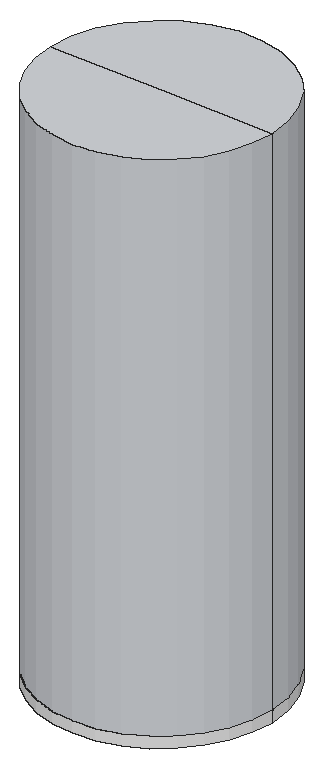
Revit family "ERS6366HC_RAD843F", category 照明器具, Revit 2022
Family settings
  丸型コネクタ寸法 = 直径を使用
  パーツ タイプ = 標準
  OmniClass 番号 = 23.80.70.11.14.21
  OmniClass タイトル = Spots and Tracklight Specialties
  作業面ベース = いいえ
  常に垂直 = いいえ
  ロード時にボイドで切り取り = はい
  光源 = いいえ
  注釈の向きを維持 = いいえ
  共有 = いいえ
  部屋計算ポイント = はい
Parameters (values of type "ERS6366HC_RAD843F")
  電源種別_記号 = "AC"
  電源種別 = ""
  電気_回路番号 [instance] = ""
  配光角 = 0
  負荷分類 = 8_照明
  認証・規格 = ""
  記号 [instance] = ""
  製品出荷対象 = ""
  製品リリース年月 = "2024.04"
  製品ID = ""
  系統2 [instance] = ""
  系統 [instance] = ""
  符号 = ""
  積算_科目2 = "[1_1]照明"
  運転質量 = 0.00 kg
  質量 = 0.00 kg
  説明 = "アウトドア ミニスポットライト"
  認定番号 = ""
  設置方法 = ""
  製造元 = "株式会社遠藤照明"
  製品質量 = 0.30 kg
  背面形式 = ""
  積算_科目 = "1 電灯設備"
  積算_拾い区分 [instance] = ""
  種別 [instance] = ""
  相 = 1
  直径 = 40 mm
  盤記号2 [instance] = ""
  盤記号 [instance] = ""
  皮相負荷 = 定格入力容量  # 0 VA
  用途 = "E_一般照明"
  特殊仕様 [instance] = ""
  照明制御装置の種類 = ""
  法定耐用年数 = ""
  極数 = 1
  材質_本体 = none
  材質_反射板 = none
  材質_ルーバー = none
  材質_カバー = none
  材質 [instance] = ""
  既定の高さ = 0 mm
  形式 [instance] = "投光器・屋外スポット"
  平均演色評価数(Ra) = 83
  定格消費電力 = 5.9 W
  定格入力電流 = 0 A
  定格入力電圧 = 0 V
  定格入力容量 = 0 VA
  定格光束 = 370 lm
  安定器_蛍光灯 = ""
  安定器_定格電圧 = 0 V
  安定器_入力電流 = 0 A
  安定器_入力電力 = 0 W
  安定器_二次電圧 = 0 V
  姿図記号 = ""
  埋込穴寸法 = "0"
  埋込深さ = "0"
  固有エネルギー消費効率(lm/W) = 62.6
  器具サイズ = ""
  呼称 = "投光器・屋外スポット"
  周波数 = 0 Hz
  名称 [instance] = ""
  参照している仕様書等のバージョン = ""
  分類コード = "40305100000000"
  分類グループ = "電気"
  公共型番 = ""
  備考2 [instance] = ""
  価格 = 17500
  企業コード = ""
  付属品 [instance] = ""
  仕様 = ""
  ランプの種類 = "LED"
  ランプ_電流 = 0 A
  ランプ_本数 = 0
  ランプ_定格消費電力 = 0 W
  ランプ_定格消費効率(lm/W) = 0
  ランプ_大きさ = ""
  ランプ_全光束 = 0 lm
  ランプ = "LED"
  モデル = "ERS6366HC_RAD843F"
  データ作成年月 = "2025.04"
  シンボル表示 = yes
  シンボル [instance] = e_sp_f_symbol : 1/100
  コメント [instance] = ""
  イメージ(タイプ) = ERS6366HC_RAD843F-K.jpg
  サービススペース表示 = no
  グレア分類 = ""
  Keynote = ""
  カバー形状 = ""
  x [instance] = 3 mm
  tilt_v [instance] = 0.00°
  tilt_h [instance] = 0.00°
  Width = 0 mm
  Version = ""
  Uniclass2015Version = ""
  Uniclass2015Title = ""
  Uniclass2015Code = ""
  URL = "https://data2.endo-lighting.co.jp/specData.jsp?hinban=ERS6366HC_RAD843F"
  SpecificationReference = ""
  SpecificationDescription = ""
  Revision = ""
  ProductInformation = ""
  OmniClassCode = "23.80.70.11.14.21"
  LED制御装置 = ""
  IfcTypeProduct = ""
  IfcProduct = ""
  IfcExportType = "DIRECTIONSOURCE"
  IfcExportAs = "IfcLightFixtureType"
  Height = 93 mm
  FamilyVersion = "v2.0"
  Depth = 0 mm
  Clearance Top = 0 mm
  Clearance Right = 0 mm
  Clearance Left = 0 mm
  Clearance Front = 0 mm
  Clearance Bottom = 0 mm
  Clearance Back = 0 mm
  BLCJ仕様バージョン = "2.0"
  Author = "株式会社遠藤照明"
Reference planes
  plane 1 "中心(正面/背面)": y = 0
  plane 2: z = 0
  plane 3 "中心(左/右)": x = 0
Lines and regions (mm)
  Masking region 1, visible <- "シンボル表示", detail levels fine
    outline origin (0, 0, 0) x (1, 0, 0) y (0, 1, 0)
  Masking region 2, visible <- "シンボル表示", detail levels fine
    outline origin (0, 0, 0) x (1, 0, 0) y (0, 1, 0)
      loop
        circle (0, 0) r 20
  reference lines
    curve 1: line (-340, 0, 0) -> (0, 0, 0)
Dimensions and locks
  locked: curve 1 to plane 3 "中心(左/右)"
  locked: curve 1 to plane 1 "中心(正面/背面)"
  "直径": diameter of Masking region 2 sketch curve
  "tilt_h": angle plane 1 "中心(正面/背面)" to curve 1
  aligned and locked: level to plane 2
Automatic sketch dimensions
  plane 1 "中心(正面/背面)" to Masking region 2 sketch curve = 0 mm
  Masking region 2 sketch curve to plane 3 "中心(左/右)" = 0 mm
Nested families
  nested 1: "uv_head" at (0, 0, 0), tilt_h <- "tilt_h", tilt_v <- "tilt_v", type "uv_head"
    with tilt_v 0.00°, tilt_h 0.00°, 直径 40 mm, r 20 mm, Height 93 mm
  nested 2: "ies_ERS6366HC_RAD843F" at (0, 0, -2) x (-1, 0, 0) z (0, 0, 1), x <- "x", type "ies_ERS6366HC_RAD843F"
    with x 3 mm
  nested 3: "e_sp_f_symbol" at (0, 0, 0), visible <- "シンボル表示", type <- "シンボル", type "1/100", detail levels coarse+medium
Connectors
  electrical at (0, 0, 93), driven by "極数", driven by "負荷分類", driven by "定格入力電圧", driven by "皮相負荷"
    settings: on nested 1, index 1, voltage 0 V, apparent load 0 VA, apparent load phase1 0 VA, apparent load phase2 0 VA, apparent load phase3 0 VA, power factor 1, load classification "8_照明", number of poles 1, system type 30, power factor state 1, is connector primary yes, connector utility no, sub classification motor no, connector description ""
Definition of nested family "uv_head"
  Parameters (values of type "uv_head")
    直径 = 150 mm
    Default Elevation = 0 mm
    tilt_v [instance] = 30.00°
    tilt_h [instance] = 18.00°
    r = 直径 / 2  # 75 mm
    Height = 300 mm
  Reference planes
    plane 1 "中心(正面/背面)": y = 0
    plane 2: z = 0
    plane 3 "中心(左/右)": x = 0
  Dimensions and locks
    level to nested 1 = 5 mm
    "tilt_h": angle plane 1 "中心(正面/背面)" to nested 1
    aligned and locked: level to plane 2
  Nested families
    nested 1: "uv_head_v" at (0, 0, -5) x (0.9511, 0.309, 0) z (0, 0, 1), Height <- "Height", tilt_v <- "tilt_v", type "uv_head_v"
      with tilt_v 30.00°, Height 300 mm, r 75 mm
  Definition of nested family "uv_head_v"
    Parameters (values of type "uv_head_v")
      Default Elevation = 1219.2 mm
      tilt_v [instance] = 40.00°
      r = 60 mm
      Height [instance] = 300 mm
    Reference planes
      plane 1 "中心(正面/背面)": y = 0
      plane 2: z = 0
      plane 3 "中心(左/右)": x = 0
    Forms (mm)
      Revolve 1, solid
        sketch origin (0, 0, 0) x (0.642788, 0, 0.766044) y (-0.766044, 0, 0.642788)
          loop
            line (5, 0) -> (305, 0) -> (305, 60) -> (5, 60) -> (5, 0)
          axis (5, 0) -> (305, 0)
        angle from 0 to 360
      Revolve 2, solid
        sketch origin (0, 0, 0) x (0.642788, 0, 0.766044) y (-0.766044, 0, 0.642788)
          loop
            line (5, 0) -> (5, 60) -> (3, 60) -> (3, 0) -> (5, 0)
          axis (3, 0) -> (5, 0)
        angle from 0 to 360
    Lines and regions (mm)
      reference lines
        curve 1: line (0, 0, 0) -> (899.903, 0, 1072.462)
    Dimensions and locks
      locked: curve 1 to level
      locked: curve 1 to plane 3 "中心(左/右)"
      locked: Revolve 1 sketch curve to curve 1 at 5
      "Height": Revolve 1 sketch curve to Revolve 1 sketch curve
      "r": curve 1 to Revolve 1 sketch curve
      locked: Revolve 2 sketch curve to Revolve 1 at 2
      "r": curve 1 to Revolve 2 sketch curve
      "tilt_v": angle curve 1 to plane 3 "中心(左/右)"
      aligned and locked: level to plane 2
    Automatic sketch dimensions
      Revolve 1 sketch curve to curve 1 = 0 mm  (x3)
      Revolve 1 sketch curve to Revolve 1 sketch curve = 365 mm
      Revolve 2 sketch curve to curve 1 = 0 mm  (x2)
      Revolve 2 sketch curve to Revolve 2 sketch curve = 2 mm
      Revolve 2 sketch curve to Revolve 2 sketch curve = 80 mm
      Revolve 2 sketch curve to Revolve 2 sketch curve = 85 mm
Definition of nested family "ies_ERS6366HC_RAD843F"
  Parameters (values of type "ies_data_x")
    built-in parameter 1150110 = 1 (stored number, unit not read)
    built-in parameter 1150133 = 10 (stored number, unit not read)
    Dimming Lamp Color Temperature Shift = (empty or 0)
    built-in parameter 1150104 = 13.8 (stored number, unit not read)
    built-in parameter 1150115 = 1 (stored number, unit not read)
    built-in parameter 1150137 = (empty or 0)
    built-in parameter 1150106 = 327.47 (stored number, unit not read)
    built-in parameter 1150134 = (empty or 0)
    built-in parameter 1150109 = 1 (stored number, unit not read)
    Default Elevation = 1219.2 mm
    built-in parameter 1114218 = 1 (stored number, unit not read)
    built-in parameter 1114217 = 1 (stored number, unit not read)
    built-in parameter 1150102 = (empty or 0)
    built-in parameter 1150107 = 4200 (stored number, unit not read)
    built-in parameter 1150138 = (empty or 0)
    built-in parameter 1150132 = 2
    Lumens = 2833 lm
    built-in parameter 1150105 = 32746.8 (stored number, unit not read)
    Tilt Angle = 90.00°
    built-in parameter 1150139 = (empty or 0)
    Wattage = 19.0721 W
    built-in parameter 1150112 = 1 (stored number, unit not read)
    built-in parameter 1150114 = 1 (stored number, unit not read)
    Photometric Web File = "base_ies_new.ies"
    built-in parameter 1150113 = 1 (stored number, unit not read)
    Color Filter = 16777215
    x [instance] = 0 mm
  Reference planes
    plane 1 "中心(正面/背面)": y = 0
    plane 2: z = 0
    plane 3 "中心(左/右)": x = 0
  Dimensions and locks
    imposter light to plane 3 "中心(左/右)" = 0 mm
    "x": level to imposter light
    aligned and locked: level to plane 2
Definition of nested family "e_sp_f_symbol"
  Parameters (values of type "1/100")
    縮尺倍率 = if([縮尺1/50], 1.25 * 50, if([縮尺1/100], 1 * 100, if([縮尺1/200], 0.8 * 200, 0)))  # 100
    縮尺1/50 = no
    縮尺1/200 = no
    縮尺1/100 = yes
    直径 = 0.8 mm * 縮尺倍率  # 80 mm
    l = 直径 * 1.6  # 128 mm
  Types (3, lengths in mm): name | 縮尺倍率 | 縮尺1/50 | 縮尺1/200 | 縮尺1/100 | 直径 | l
    1/100 | 100 | no | no | yes | 80 | 128
    1/50 | 62.5 | yes | no | no | 50 | 80
    1/200 | 160 | no | yes | no | 128 | 204.8
  Reference planes
    plane 1 "中心(正面/背面)": y = 0
    plane 2: z = 0
    plane 3 "中心(左/右)": x = 0
    plane 4: x = -128
  Lines and regions (mm)
    Masking region 1, in view "参照レベル"
      outline origin (0, 0, 0) x (1, 0, 0) y (0, 1, 0)
        loop
          circle (0, 0) r 40
    Masking region 2, in view "参照レベル"
      outline origin (0, 0, 0) x (1, 0, 0) y (0, 1, 0)
        loop
          line (0, 0) -> (-128, 31.914) -> (-128, -31.914) -> (0, 0)
  Dimensions and locks
    "l": plane 4 to plane 3 "中心(左/右)"
    "直径": diameter of Masking region 1 sketch curve
    locked: Masking region 2 sketch curve to plane 1 "中心(正面/背面)" (angle 14.00°)
    locked: plane 1 "中心(正面/背面)" to Masking region 2 sketch curve (angle 14.00°)
    aligned and locked: plane 4 to Masking region 2 sketch curve
  Automatic sketch dimensions
    plane 1 "中心(正面/背面)" to Masking region 2 sketch curve = 0 mm
    Masking region 2 sketch curve to plane 3 "中心(左/右)" = 0 mm
    plane 1 "中心(正面/背面)" to Masking region 1 sketch curve = 0 mm
    Masking region 1 sketch curve to plane 3 "中心(左/右)" = 0 mm
